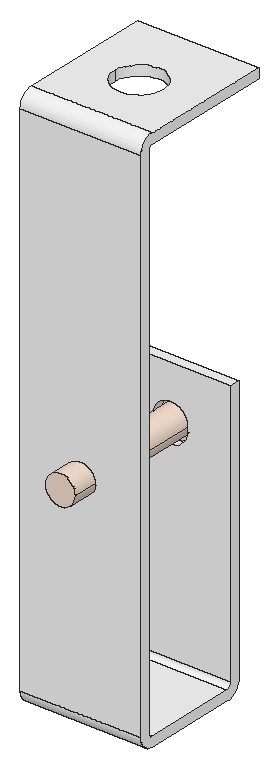
Revit family "screwhanger_c40x20_innner", category 機械設備, Revit 2022
Family settings
  丸型コネクタ寸法 = 直径を使用
  種別 = なし
  パーツ タイプ = 標準
  作業面ベース = いいえ
  常に垂直 = はい
  ロード時にボイドで切り取り = いいえ
  注釈の向きを維持 = いいえ
  共有 = いいえ
  部屋計算ポイント = いいえ
Parameters
  製造元 = "株式会社桐井製作所"
  既定の高さ = 0 mm
  URL = "https://www.kirii.co.jp/"
  K_材質 = "SGHC　一般用"
  K_品名 = "40×20ビス付ハンガー(内折れ)"
  K_名称 = "その他ハンガー"
  K_入数 = "200"
  K_バージョン情報 = "20211012"
  K_めっき付着量 = "Z12"
  K_JIS規格 = "JIS G 3302"
Reference planes
  plane 1 "中心(正面/背面)": y = 0
  plane 2: z = 0
  plane 3 "中心(左/右)": x = 0
  plane 4: x = 12.25
  plane 5: x = -12.25
Forms (mm)
  Extrusion 1, void
    sketch origin (0, 45.021, -44.6) x (1, 0, 0) y (0, 1, 0)
      loop
        circle (0, -32.029) r 5
    from 152.6 to 154.6
  Extrusion 2, solid
    sketch origin (2.5, 0, 0) x (0, 1, 0) y (0, 0, 1)
      loop
        line (0, 1) -> (0, 107)
        arc (0, 107) -> (0.293, 107.707) -> (1, 108) r 1
        line (1, 108) -> (28, 108) -> (28, 110) -> (1, 110)
        arc (1, 110) -> (-1.121, 109.121) -> (-2, 107) r 3
        line (-2, 107) -> (-2, 1)
        arc (-2, 1) -> (-1.121, -1.121) -> (1, -2) r 3
        line (1, -2) -> (20, -2)
        arc (20, -2) -> (22.121, -1.121) -> (23, 1) r 3
        line (23, 1) -> (23, 55) -> (21, 55) -> (21, 1)
        arc (21, 1) -> (20.707, 0.293) -> (20, 0) r 1
        line (20, 0) -> (1, 0)
        arc (1, 0) -> (0.293, 0.293) -> (0, 1) r 1
    from -14.75 to 9.75
  Extrusion 3, void
    sketch origin (0, 0, 0) x (1, 0, 0) y (0, 0, 1)
      loop
        circle (0, 44) r 3
    from 0 to 2
  Extrusion 4, void
    sketch origin (0, 0, 0) x (1, 0, 0) y (0, 0, 1)
      loop
        arc (-3.5, 43.5) -> (0, 40) -> (3.5, 43.5) r 3.5
        line (3.5, 43.5) -> (3.5, 44.5)
        arc (3.5, 44.5) -> (0, 48) -> (-3.5, 44.5) r 3.5
        line (-3.5, 44.5) -> (-3.5, 43.5)
    from -23 to -21
Cuts and joins
  Extrusion 1, Extrusion 3, Extrusion 4 cuts Extrusion 2
Dimensions and locks
  aligned and locked: level to plane 2
Nested families
  nested 1: "M6×30ボルト" at (-0.011, 23, 44.201) x (-1, 0, 0) z (0, 0, 1), type "M6×30ボルト"
Definition of nested family "M6×30ボルト"
  Parameters (values of type "M6×30ボルト")
    Manufacturer = "株式会社桐井製作所"
    Default Elevation = 0 mm
    URL = "https://www.kirii.co.jp/"
    K_名称 = "M6×30ボルト"
  Reference planes
    plane 1 "中心(正面/背面)": y = 0
    plane 2: z = 0
    plane 3 "中心(左/右)": x = 0
    plane 4 "正面": y = -4
  Forms (mm)
    Extrusion 1, solid
      sketch origin (0, 0, 0) x (1, 0, 0) y (0, 0, 1)
        loop
          line (-4.763, -2.946) -> (0, -5.696) -> (4.763, -2.946) -> (4.763, 2.554) -> (0, 5.304) -> (-4.763, 2.554) -> (-4.763, -2.946)
      from 0 to 4
    Extrusion 2, void
      sketch origin (0, -4, 0) x (-1, 0, 0) y (0, 0, 1)
        loop
          circle (0, -0.156) r 4.396
      from 0 to 1
    Extrusion 3, void
      sketch origin (0, -4, 0) x (-1, 0, 0) y (0, 0, 1)
        loop
          arc (-0.6, 1.814) -> (-1.069, 0.856) -> (-2.036, 0.404) r 1.605
          line (-2.036, 0.404) -> (-2.939, 0.404)
          arc (-2.939, 0.404) -> (-3, -0.195) -> (-2.94, -0.795) r 3
          line (-2.94, -0.795) -> (-2.049, -0.795)
          arc (-2.049, -0.795) -> (-1.074, -1.243) -> (-0.6, -2.206) r 1.605
          line (-0.6, -2.206) -> (-0.6, -3.135)
          arc (-0.6, -3.135) -> (0, -3.196) -> (0.6, -3.135) r 3
          line (0.6, -3.135) -> (0.6, -2.206)
          arc (0.6, -2.206) -> (1.074, -1.243) -> (2.049, -0.795) r 1.605
          line (2.049, -0.795) -> (2.94, -0.795)
          arc (2.94, -0.795) -> (3, -0.198) -> (2.941, 0.398) r 3
          line (2.941, 0.398) -> (2.117, 0.398)
          arc (2.117, 0.398) -> (1.098, 0.828) -> (0.6, 1.814) r 1.605
          line (0.6, 1.814) -> (0.6, 2.743)
          arc (0.6, 2.743) -> (0, 2.804) -> (-0.6, 2.743) r 3
          line (-0.6, 2.743) -> (-0.6, 1.814)
      from 0 to 2
    Extrusion 4, solid
      sketch origin (0, 0, 0) x (1, 0, 0) y (0, 0, 1)
        loop
          circle (-0.011, -0.2) r 3
      from 0 to -30
  Cuts and joins
    Extrusion 2, Extrusion 3 cuts Extrusion 1
    joined: Extrusion 1, Extrusion 4
  Dimensions and locks
    aligned and locked: level to plane 2
